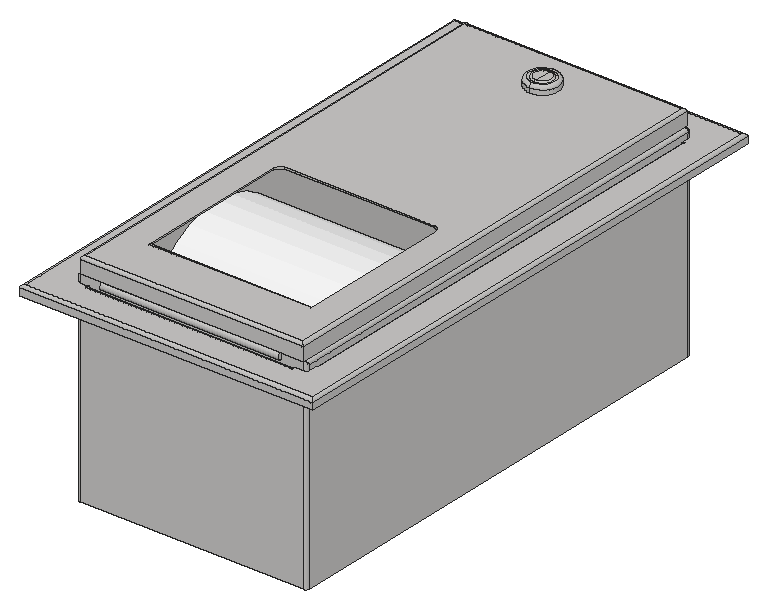
Revit family "PRD_AR_TltRllHldrs_RODANDoubleToiletRollHolder_RODX672E", category Specialty Equipment, host Face, Revit 2018
Family settings
  Host = Face
  Round Connector Dimension = Use Diameter
  Part Type = Normal
  OmniClass Number = 23.40.20.21.21
  OmniClass Title = Toilet Paper Dispensers
  Cut with Voids When Loaded = Yes
  Shared = No
  Room Calculation Point = No
Parameters (values of type "RODX672E")
  WarrantyStartDate [instance] = "1900-12-31T23:59:59"
  WarrantyGuarantorParts = "n/a"
  WarrantyGuarantorLabor = "n/a"
  WarrantyDurationUnit = "year"
  WarrantyDurationParts = "n/a"
  WarrantyDurationLabor = "n/a"
  WarrantyDescription = "n/a"
  Version = "1"
  Uniclass2015Version = "Products v1.17"
  Uniclass2015Title = "Toilet roll holders"
  Uniclass2015Code = "Pr_40_20_76_88"
  URL = "www.kwc.com"
  TypeOfMounting = "Recessed mounting"
  TypeOfFixing = "Screw"
  ToiletRollMaterial = PRD_AR_ToiletRoll
  TagNumber [instance] = "n/a"
  SustainabilityPerformance = "n/a"
  Style = "Roll holder"
  Spindle = "Yes"
  Size = "184 x 341 x 138 mm"
  Shape = "n/a"
  SerialNumber [instance] = "n/a"
  Revision = "n/a"
  ReplacementCost = "n/a"
  ProductInformation = "https://pim.kwc.com/product/2000090073/attachment/datasheet?locale=en"
  Offset = 0 mm
  NominalWidth = 184 mm
  NominalHeight = 341 mm
  NominalDepth = 138 mm
  NetWeight = 2.55 kg
  Name = "Double toilet roll holder RODX672E"
  NBSTypeID = "n/a"
  NBSReference = "45-35-72/368"
  NBSOfficeMasterTag = "n/a"
  NBSNote = "n/a"
  NBSDescription = "Toilet roll holders"
  NBSCertification = "n/a"
  ModelReference = "RODX672E"
  ModelNumber = "2000090073"
  Model = ModelReference  # "RODX672E"
  MaximumWidthOfConsumable = "115.00 mm"
  MaximumDepthDiameterOfConsumable = "115.00 mm"
  MaterialThickness = "0.80 mm"
  MaterialCode = "1.4301"
  Material = "stainless steel"
  ManufacturerURL = "www.kwc.com"
  ManufacturerName = "KWC Group AG"  # constant formula
  Manufacturer = ManufacturerName  # "KWC Group AG"
  MainColor = "stainless steel"
  Lock = "Key-lock"
  IsBuiltIn = "TRUE"
  IntegralAccessories = "incl. stainless steel screws and dowels"
  InstallationDate [instance] = "1900-12-31T23:59:59"
  IfcExportType = "USERDEFINED"
  IfcExportAs = "IfcFurnitureType"
  HolderMaterial = PRD_AR_StainlessSteel_SatinFinished
  GrossWeight = 2.75 kg
  Grade = "n/a"
  Finish = "satin finished"
  FillingQuantityUom = "Rolls"
  FillingQuantity = "2"
  Features = "stainless steel, surface satin finished"
  ExpectedLife = "n/a"
  DurationUnit = "year"
  Description = "Double toilet roll holder with spindle system for recessed mounting, stainless steel, surface satin finished, material thickness 0.8 mm, folded front cover, cylinder lock with KWC standard key, for 2 rolls with max. diameter 120 mm, second roll will be released after consumption of first roll, reserve roll not visible, includes stainless steel screws and dowels."
  Default Elevation = 600 mm
  CreatedOn = "05/2020"  # constant formula
  Constituents = "n/a"
  Color = "n/a"
  CodePerformance = "n/a"
  Category = "Pr_40_20_76_88, Toilet roll holders"
  BarCode [instance] = "n/a"
  BIMObjectName = "PRD_AR_ToiletRollHolders_RODANDoubleToiletRollHolder_RODX672E"
  Author = "Archispace"  # constant formula
  AssetType = "Fixed"
  AssetIdentifier [instance] = "n/a"
  AccessibilityPerformance = "n/a"
Reference planes
  plane 1 "Center (Front/Back)": y = 0
  plane 2: z = 0
  plane 3 "Center (Left/Right)": x = 0
  plane 4: z = 0
Forms (mm)
  Extrusion 1, void
    sketch origin (0, 0, 0) x (0, 1, 0) y (0, 0, 1)
      loop
        line (150.5, 0) -> (-150.5, 0) -> (-150.5, -117) -> (150.5, -117) -> (150.5, 0)
    from -72 to 72
Dimensions and locks
  "Offset": plane 4 to level
  aligned and locked: plane 2 to host face
  aligned and locked: level to host face
  aligned and locked: plane 4 to Extrusion 1
  aligned and locked: plane 4 to nested 1
Automatic sketch dimensions
  host sketch curve to host sketch curve = 527.678 mm
  host sketch curve to host sketch curve = 523.508 mm
  Extrusion 1 sketch curve to level = 0 mm
  plane 1 "Center (Front/Back)" to Extrusion 1 sketch curve = 150.5 mm
  Extrusion 1 sketch curve to plane 1 "Center (Front/Back)" = 150.5 mm
  Extrusion 1 sketch curve to level = 117 mm
Nested families
  nested 1: "RODX672E" at (0, 0, -117), type "RODX672E"
Definition of nested family "RODX672E"
  Parameters (values of type "RODX672E")
    ToiletPaper = none
    Material = none
  Reference planes
    plane 1 "Center (Front/Back)": y = 0
    plane 2: z = 0
    plane 3 "Center (Left/Right)": x = 0
  Forms (mm)
    Extrusion 1, solid, material <- "Material", detail levels fine
      sketch origin (0, 40.8, 0) x (1, 0, 0) y (0, 1, 0)
        loop
          line (-92, 129.7) -> (-92, -211.3) -> (92, -211.3) -> (92, 129.7) -> (-92, 129.7)
        loop
          arc (-70, 109.7) -> (-71.414, 109.114) -> (-72, 107.7) r 2
          line (-72, 107.7) -> (-72, -189.3)
          arc (-72, -189.3) -> (-71.414, -190.714) -> (-70, -191.3) r 2
          line (-70, -191.3) -> (70, -191.3)
          arc (70, -191.3) -> (71.414, -190.714) -> (72, -189.3) r 2
          line (72, -189.3) -> (72, 107.7)
          arc (72, 107.7) -> (71.414, 109.114) -> (70, 109.7) r 2
          line (70, 109.7) -> (-70, 109.7)
      from 117 to 123
    Sweep 2, void
      path in 3D
        loop
          line (-92, 170.5, 123) -> (-92, -170.5, 123) -> (92, -170.5, 123) -> (92, 170.5, 123) -> (-92, 170.5, 123)
      profile origin (0, 170.5, 123) x (0, -1, 0) y (0, 0, 1)
        loop
          line (0, 0) -> (0, -2)
          arc (0, -2) -> (0.586, -0.586) -> (2, 0) r 2
          line (2, 0) -> (0, 0)
    Extrusion 3, solid, material <- "Material", detail levels fine
      sketch origin (0, 0, 0) x (1, 0, 0) y (0, 1, 0)
        loop
          line (-72, 148.4) -> (-72, -148.4)
          arc (-72, -148.4) -> (-71.385, -149.885) -> (-69.9, -150.5) r 2.1
          line (-69.9, -150.5) -> (69.9, -150.5)
          arc (69.9, -150.5) -> (71.385, -149.885) -> (72, -148.4) r 2.1
          line (72, -148.4) -> (72, 148.4)
          arc (72, 148.4) -> (71.385, 149.885) -> (69.9, 150.5) r 2.1
          line (69.9, 150.5) -> (-69.9, 150.5)
          arc (-69.9, 150.5) -> (-71.385, 149.885) -> (-72, 148.4) r 2.1
      from 0 to 128
    Extrusion 4, solid, material <- "Material", detail levels fine
      sketch origin (0, 0, 0) x (1, 0, 0) y (0, 1, 0)
        loop
          line (-70, 150.5) -> (-70, -150.5) -> (70, -150.5) -> (70, 150.5) -> (-70, 150.5)
      from 128 to 138
    Sweep 5, void
      path in 3D
        loop
          line (72, -150.5, 128) -> (72, 148.4, 128)
          arc (72, 148.4, 128) -> (71.385, 149.885, 128) -> (69.9, 150.5, 128) r 2.1
          line (69.9, 150.5, 128) -> (-69.9, 150.5, 128)
          arc (-69.9, 150.5, 128) -> (-71.385, 149.885, 128) -> (-72, 148.4, 128) r 2.1
          line (-72, 148.4, 128) -> (-72, -150.5, 128)
      profile origin (-72, -1.05, 128) x (1, 0, 0) y (0, 0, 1)
        loop
          line (0, 0) -> (0, -2)
          arc (0, -2) -> (0.586, -0.586) -> (2, 0) r 2
          line (2, 0) -> (0, 0)
    Sweep 6, void
      path in 3D
        loop
          line (70, -150.5, 138) -> (70, 150.5, 138) -> (-70, 150.5, 138) -> (-70, -150.5, 138) -> (70, -150.5, 138)
      profile origin (0, -150.5, 138) x (0, 1, 0) y (0, 0, 1)
        loop
          line (0, 0) -> (0, -2)
          arc (0, -2) -> (0.586, -0.586) -> (2, 0) r 2
          line (2, 0) -> (0, 0)
    Revolve 7, solid, material <- "Material", detail levels fine
      sketch origin (0, -80.5, 26.5) x (0, 1, 0) y (0, 0, 1)
        loop
          line (205, 111.5) -> (215, 111.5) -> (215, 114.266)
          arc (215, 114.266) -> (214.414, 115.68) -> (213, 116.266) r 2
          line (213, 116.266) -> (211.324, 116.266)
          arc (211.324, 116.266) -> (210.966, 116.585) -> (210.5, 116.7) r 1
          line (210.5, 116.7) -> (205, 116.7) -> (205, 111.5)
        axis (205, 116.7) -> (205, 111.5)
      angle from 0 to 360
    Sweep 8, solid, material <- "Material", detail levels fine
      path origin (25.409, -97.541, 52) x (-1, 0, 0) y (0, 0, 1)
        loop
          line (81.409, 75.1) -> (-30.591, 75.1)
      profile origin (0, -97.541, 127.1) x (0, 0, -1) y (0, 1, 0)
        loop
          circle (0, -52.959) r 0.9
    Revolve 9, solid, material <- "Material", detail levels medium
      sketch origin (0, -80.5, 26.5) x (0, 1, 0) y (0, 0, 1)
        loop
          line (205, 111.5) -> (215, 111.5) -> (215, 116.7) -> (205, 116.7) -> (205, 111.5)
        axis (205, 116.7) -> (205, 111.5)
      angle from 0 to 360
    Sweep 10, void
      path origin (0, 0, 0) x (1, 0, 0) y (0, 1, 0)
        loop
          line (-72, 143.5) -> (-72, -143.5)
      profile origin (-72, 0, 0) x (1, 0, 0) y (0, 0, 1)
        loop
          line (0, 123) -> (-2, 123)
          arc (-2, 123) -> (-0.586, 122.414) -> (0, 121) r 2
          line (0, 121) -> (0, 123)
        loop
          line (144, 123) -> (144, 121)
          arc (144, 121) -> (144.586, 122.414) -> (146, 123) r 2
          line (146, 123) -> (144, 123)
    Sweep 11, void
      path origin (0, 0, 0) x (1, 0, 0) y (0, 1, 0)
        loop
          line (-65, 150.5) -> (65, 150.5)
      profile origin (0, 150.5, 0) x (0, 1, 0) y (0, 0, 1)
        loop
          line (0, 123) -> (0, 121)
          arc (0, 121) -> (0.586, 122.414) -> (2, 123) r 2
          line (2, 123) -> (0, 123)
        loop
          line (-301, 123) -> (-303, 123)
          arc (-303, 123) -> (-301.586, 122.414) -> (-301, 121) r 2
          line (-301, 121) -> (-301, 123)
    Extrusion 12, void
      sketch origin (0, 0, 0) x (1, 0, 0) y (0, 1, 0)
        loop
          arc (-46, -18.5) -> (-49.536, -19.964) -> (-51, -23.5) r 5
          line (-51, -23.5) -> (-51, -120.5) -> (51, -120.5) -> (51, -23.5)
          arc (51, -23.5) -> (49.536, -19.964) -> (46, -18.5) r 5
          line (46, -18.5) -> (-46, -18.5)
      from 136 to 138
    Extrusion 13, solid, material <- "Material", detail levels fine
      sketch origin (0, 0, 0) x (0, 1, 0) y (0, 0, 1)
        loop
          line (-120.5, 138) -> (-120.5, 78) -> (-118.5, 78) -> (-118.5, 136)
          arc (-118.5, 136) -> (-119.086, 137.414) -> (-120.5, 138) r 2
      from -51 to 51
    Extrusion 14, solid, material <- "ToiletPaper", detail levels fine
      sketch origin (0, 1.371, -2.03) x (0, 1, 0) y (0, 0, 1)
        loop
          circle (-59.926, 77.912) r 57.5
      from -57.5 to 57.5
    Extrusion 15, void
      sketch origin (0, 0, 0) x (0, 1, 0) y (0, 0, 1)
        loop
          line (149.7, 0.8) -> (149.7, 136.2)
          arc (149.7, 136.2) -> (149.407, 136.907) -> (148.7, 137.2) r 1
          line (148.7, 137.2) -> (-148.7, 137.2)
          arc (-148.7, 137.2) -> (-149.407, 136.907) -> (-149.7, 136.2) r 1
          line (-149.7, 136.2) -> (-149.7, 0.8) -> (149.7, 0.8)
      from -69 to 69
    Extrusion 16, solid, material <- "Material", detail levels fine
      sketch origin (0, 0, 0) x (0, 1, 0) y (0, 0, 1)
        loop
          arc (-150.5, 128) -> (-152.5, 126) -> (-150.5, 124) r 2
          line (-150.5, 124) -> (-150.5, 128)
      from -56 to 56
    Extrusion 17, solid, material <- "Material", detail levels medium
      sketch origin (0, 0, 0) x (1, 0, 0) y (0, 1, 0)
        loop
          line (-72, 150.5) -> (-72, -150.5) -> (72, -150.5) -> (72, 150.5) -> (-72, 150.5)
      from 0 to 128
    Extrusion 18, solid, material <- "Material", detail levels medium
      sketch origin (0, 0, 0) x (1, 0, 0) y (0, 1, 0)
        loop
          line (-70, 150.5) -> (-70, -150.5) -> (70, -150.5) -> (70, 150.5) -> (-70, 150.5)
      from 128 to 138
    Extrusion 19, solid, material <- "Material", detail levels medium
      sketch origin (0, 40.8, 0) x (1, 0, 0) y (0, 1, 0)
        loop
          line (-92, 129.7) -> (-92, -211.3) -> (92, -211.3) -> (92, 129.7) -> (-92, 129.7)
        loop
          line (-72, 109.7) -> (-72, -191.3) -> (72, -191.3) -> (72, 109.7) -> (-72, 109.7)
      from 117 to 123
    Extrusion 20, solid, material <- "Material", detail levels coarse
      sketch origin (0, 0, 0) x (1, 0, 0) y (0, 1, 0)
        loop
          line (-72, 150.5) -> (-72, -150.5) -> (72, -150.5) -> (72, 150.5) -> (-72, 150.5)
      from 0 to 138
    Extrusion 21, solid, material <- "Material", detail levels coarse
      sketch origin (0, 40.8, 0) x (1, 0, 0) y (0, 1, 0)
        loop
          line (-92, 129.7) -> (-92, -211.3) -> (92, -211.3) -> (92, 129.7) -> (-92, 129.7)
        loop
          line (-72, 109.7) -> (-72, -191.3) -> (72, -191.3) -> (72, 109.7) -> (-72, 109.7)
      from 117 to 123
  Cuts and joins
    Sweep 2, Sweep 10, Sweep 11 cuts Extrusion 1
    Sweep 5, Extrusion 12, Extrusion 15 cuts Extrusion 3
    joined: Extrusion 3, Sweep 8
    Sweep 6, Extrusion 12, Extrusion 15 cuts Extrusion 4
    joined: Extrusion 4, Extrusion 13
    Extrusion 12 cuts Extrusion 18
  Lines and regions (mm)
    sketch lines
      curve 1: line (92, 170.5, 123) -> (-92, 170.5, 123)
      curve 2: line (-92, 170.5, 123) -> (-92, -170.5, 123)
      curve 3: line (-92, -170.5, 123) -> (92, -170.5, 123)
      curve 4: line (92, -170.5, 123) -> (92, 170.5, 123)
      curve 5: line (-72, 148.4, 128) -> (-72, -150.5, 128)
      curve 6: line (72, -150.5, 128) -> (72, 148.4, 128)
      curve 7: arc (69.9, 150.5, 128) -> (71.385, 149.885, 128) -> (72, 148.4, 128) r 2.1
      curve 8: line (69.9, 150.5, 128) -> (-69.9, 150.5, 128)
      curve 9: arc (-72, 148.4, 128) -> (-71.385, 149.885, 128) -> (-69.9, 150.5, 128) r 2.1
      curve 10: line (-70, -150.5, 138) -> (70, -150.5, 138)
      curve 11: line (-70, 150.5, 138) -> (-70, -150.5, 138)
      curve 12: line (70, 150.5, 138) -> (-70, 150.5, 138)
      curve 13: line (70, -150.5, 138) -> (70, 150.5, 138)
  Dimensions and locks
    aligned and locked: level to plane 2
